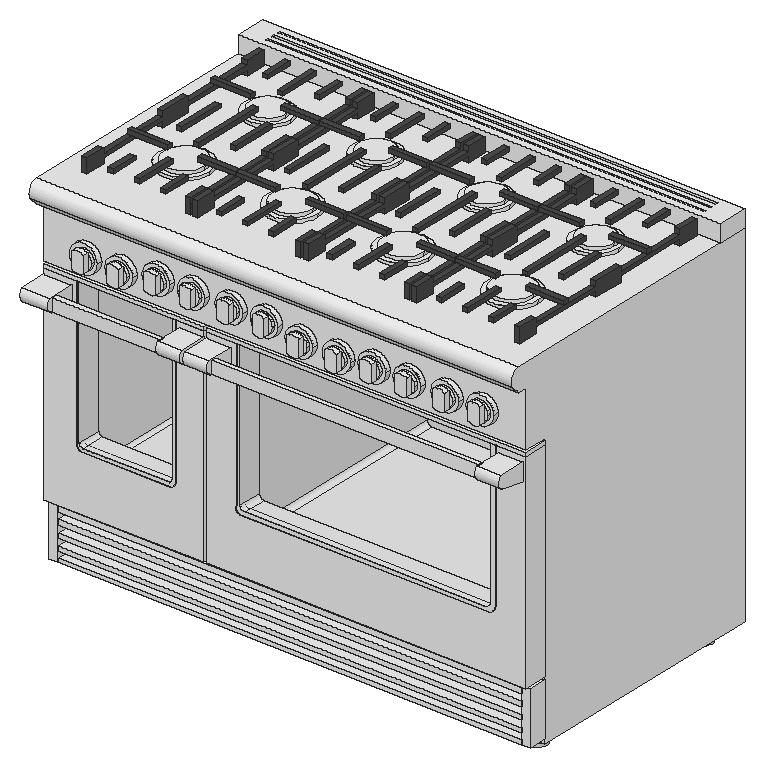
Revit family "DCS_SDA_Data_Sheet_RDV2-488_Range_ISSUE1 IMPERIAL", category Specialty Equipment, Revit 2015
Parameters
  URL = "www.yepsketch.com"
  Model = "DCS_SDA_Data_Sheet_RDV2-488_Range_ISSUE1"
  Manufacturer = "Fisher & Paykel"
  Description = "D20 20000"
  Author = "Yepsketch"
Reference planes (in)
  plane 1 "Center (Front/Back)": y = 0
  plane 2: z = 0
  plane 3 "Center (Left/Right)": x = 0
  plane 4: x = 47.875
  plane 5: y = 29.125
  plane 6: z = 35.75
  plane 7: z = 37.5
Forms (in)
  Extrusion 1, solid, material "ALUMINIUM"
    sketch origin (0, 0, 0) x (1, 0, 0) y (0, 1, 0)
      loop
        line (0, 29.125) -> (0, 1.98507) -> (47.875, 1.98507) -> (47.875, 29.125) -> (0, 29.125)
    from 0.73394 to 35.75
  Extrusion 2, solid, material "ALUMINIUM"
    sketch origin (0, 0, 0) x (1, 0, 0) y (0, 1, 0)
      loop
        line (0.05221, 29.125) -> (0.05221, 26.125) -> (47.875, 26.125) -> (47.875, 29.125) -> (0.05221, 29.125)
    from 35.75 to 37.5
  Extrusion 3, solid, material "BLACK"
    sketch origin (0, 0, 0) x (1, 0, 0) y (0, 1, 0)
      loop
        line (2.18737, 25.86083) -> (2.18737, 23.86083) -> (2.68737, 23.86083) -> (2.68737, 25.86083) -> (2.18737, 25.86083)
      loop
        line (2.18737, 16.42333) -> (2.18737, 13.42333) -> (2.68737, 13.42333) -> (2.68737, 16.42333) -> (2.18737, 16.42333)
      loop
        line (2.18737, 5.98583) -> (2.18737, 3.98583) -> (2.68737, 3.98583) -> (2.68737, 5.98583) -> (2.18737, 5.98583)
      loop
        line (12.43737, 25.86083) -> (12.43737, 23.86083) -> (12.93737, 23.86083) -> (12.93737, 25.86083) -> (12.43737, 25.86083)
      loop
        line (12.43737, 16.42333) -> (12.43737, 13.42333) -> (12.93737, 13.42333) -> (12.93737, 16.42333) -> (12.43737, 16.42333)
      loop
        line (12.43737, 5.98583) -> (12.43737, 3.98583) -> (12.93737, 3.98583) -> (12.93737, 5.98583) -> (12.43737, 5.98583)
      loop
        line (13.18737, 25.86083) -> (13.18737, 23.86083) -> (13.68737, 23.86083) -> (13.68737, 25.86083) -> (13.18737, 25.86083)
      loop
        line (13.18737, 16.42333) -> (13.18737, 13.42333) -> (13.68737, 13.42333) -> (13.68737, 16.42333) -> (13.18737, 16.42333)
      loop
        line (13.18737, 5.98583) -> (13.18737, 3.98583) -> (13.68737, 3.98583) -> (13.68737, 5.98583) -> (13.18737, 5.98583)
      loop
        line (23.43737, 25.86083) -> (23.43737, 23.86083) -> (23.93737, 23.86083) -> (23.93737, 25.86083) -> (23.43737, 25.86083)
      loop
        line (23.43737, 16.42333) -> (23.43737, 13.42333) -> (23.93737, 13.42333) -> (23.93737, 16.42333) -> (23.43737, 16.42333)
      loop
        line (23.43737, 5.98583) -> (23.43737, 3.98583) -> (23.93737, 3.98583) -> (23.93737, 5.98583) -> (23.43737, 5.98583)
      loop
        line (24.18737, 25.86083) -> (24.18737, 23.86083) -> (24.68737, 23.86083) -> (24.68737, 25.86083) -> (24.18737, 25.86083)
      loop
        line (24.18737, 16.42333) -> (24.18737, 13.42333) -> (24.68737, 13.42333) -> (24.68737, 16.42333) -> (24.18737, 16.42333)
      loop
        line (24.18737, 5.98583) -> (24.18737, 3.98583) -> (24.68737, 3.98583) -> (24.68737, 5.98583) -> (24.18737, 5.98583)
      loop
        line (34.18737, 25.86083) -> (34.18737, 23.86083) -> (34.68737, 23.86083) -> (34.68737, 25.86083) -> (34.18737, 25.86083)
      loop
        line (34.18737, 16.42333) -> (34.18737, 13.42333) -> (34.68737, 13.42333) -> (34.68737, 16.42333) -> (34.18737, 16.42333)
      loop
        line (34.18737, 5.98583) -> (34.18737, 3.98583) -> (34.68737, 3.98583) -> (34.68737, 5.98583) -> (34.18737, 5.98583)
      loop
        line (34.93737, 25.86083) -> (34.93737, 23.86083) -> (35.43737, 23.86083) -> (35.43737, 25.86083) -> (34.93737, 25.86083)
      loop
        line (34.93737, 16.42333) -> (34.93737, 13.42333) -> (35.43737, 13.42333) -> (35.43737, 16.42333) -> (34.93737, 16.42333)
      loop
        line (34.93737, 5.98583) -> (34.93737, 3.98583) -> (35.43737, 3.98583) -> (35.43737, 5.98583) -> (34.93737, 5.98583)
      loop
        line (45.18737, 25.86083) -> (45.18737, 23.86083) -> (45.68737, 23.86083) -> (45.68737, 25.86083) -> (45.18737, 25.86083)
      loop
        line (45.18737, 16.42333) -> (45.18737, 13.42333) -> (45.68737, 13.42333) -> (45.68737, 16.42333) -> (45.18737, 16.42333)
      loop
        line (45.18737, 5.98583) -> (45.18737, 3.98583) -> (45.68737, 3.98583) -> (45.68737, 5.98583) -> (45.18737, 5.98583)
    from 35.75 to 37.21889
  Extrusion 4, void
    sketch origin (0, 0, 0) x (0, 1, 0) y (0, 0, 1)
      loop
        line (1.98507, 27.93176) -> (1.98507, 0.73394) -> (4.3473, 0.73394) -> (4.3473, 27.93176) -> (1.98507, 27.93176)
    from 0 to 47.875
  Extrusion 5, solid, material "ALUMINIUM"
    sketch origin (0, 0, 0) x (0, 1, 0) y (0, 0, 1)
      loop
        line (1.98507, 35.75) -> (1.11007, 35.75)
        arc (1.11007, 35.75) -> (0.24041, 35.19597) -> (0.375, 34.17365) r 0.95956
        line (0.375, 34.17365) -> (1.08211, 33.46654) -> (1.98507, 33.46654) -> (1.98507, 35.75)
    from 0 to 47.875
  Revolve 6, solid
    sketch origin (1.5, 0, 0) x (0, 1, 0) y (0, 0, 1)
      loop
        line (5.33586, 0.73394) -> (5.33586, 0) -> (6.20694, 0) -> (6.20694, 0.32774) -> (5.6234, 0.32774) -> (5.6234, 0.73394) -> (5.33586, 0.73394)
      axis (5.33586, 0.73394) -> (5.33586, 0)
    angle from 0 to 360
  Revolve 7, solid
    sketch origin (1.5, 20.5, 0) x (0, 1, 0) y (0, 0, 1)
      loop
        line (5.33586, 0.73394) -> (5.33586, 0) -> (6.20694, 0) -> (6.20694, 0.32774) -> (5.6234, 0.32774) -> (5.6234, 0.73394) -> (5.33586, 0.73394)
      axis (5.33586, 0.73394) -> (5.33586, 0)
    angle from 0 to 360
  Revolve 8, solid
    sketch origin (46.375, 0, 0) x (0, 1, 0) y (0, 0, -1)
      loop
        line (5.33586, -0.73394) -> (5.6234, -0.73394) -> (5.6234, -0.32774) -> (6.20694, -0.32774) -> (6.20694, 0) -> (5.33586, 0) -> (5.33586, -0.73394)
      axis (5.33586, -0.73394) -> (5.33586, 0)
    angle from 0 to 360
  Revolve 9, solid
    sketch origin (46.375, 20.5, 0) x (0, 1, 0) y (0, 0, -1)
      loop
        line (5.33586, -0.73394) -> (5.6234, -0.73394) -> (5.6234, -0.32774) -> (6.20694, -0.32774) -> (6.20694, 0) -> (5.33586, 0) -> (5.33586, -0.73394)
      axis (5.33586, -0.73394) -> (5.33586, 0)
    angle from 0 to 360
  Extrusion 10, solid, material "ALUMINIUM"
    sketch origin (0, 0, 0) x (1, 0, 0) y (0, 0, 1)
      loop
        line (16.18343, 27.32365) -> (16.18343, 6.73316) -> (47.875, 6.73316) -> (47.875, 27.32365) -> (44.875, 27.32365) -> (44.875, 13.12408)
        arc (44.875, 13.12408) -> (44.61612, 12.49908) -> (43.99112, 12.2402) r 0.88388
        line (43.99112, 12.2402) -> (19.49112, 12.2402)
        arc (19.49112, 12.2402) -> (19.11612, 12.45671) -> (19.11612, 12.88972) r 0.43301
        line (19.11612, 12.88972) -> (19.11612, 27.32365) -> (16.18343, 27.32365)
    from -4.3473 to -1.98507
  Extrusion 11, solid, material "ALUMINIUM"
    sketch origin (0, 0, 0) x (1, 0, 0) y (0, 0, 1)
      loop
        arc (19.11612, 12.88972) -> (19.11612, 12.45671) -> (19.49112, 12.2402) r 0.43301
        line (19.49112, 12.2402) -> (43.99112, 12.2402)
        arc (43.99112, 12.2402) -> (44.61612, 12.49908) -> (44.875, 13.12408) r 0.88388
        line (44.875, 13.12408) -> (44.875, 27.32365) -> (44.375, 27.32365) -> (44.375, 13.12408)
        arc (44.375, 13.12408) -> (44.21967, 12.74908) -> (43.84467, 12.59375) r 0.53033
        line (43.84467, 12.59375) -> (19.91678, 12.59375)
        arc (19.91678, 12.59375) -> (19.59579, 12.72671) -> (19.46284, 13.04769) r 0.45394
        line (19.46284, 13.04769) -> (19.46284, 27.32365) -> (19.11612, 27.32365) -> (19.11612, 12.88972)
    from -4.3473 to -1.98507
  Extrusion 12, solid, material "ALUMINIUM"
    sketch origin (0, 0, 0) x (0, 1, 0) y (0, 0, 1)
      loop
        line (4.3473, 6.42499) -> (2.5973, 6.42499) -> (2.5973, 1.17499) -> (4.3473, 1.17499) -> (4.3473, 6.42499)
    from 0 to 0.875
  Extrusion 13, solid, material "ALUMINIUM"
    sketch origin (47.875, 0, 0) x (0, 1, 0) y (0, 0, -1)
      loop
        line (4.3473, -6.42499) -> (4.3473, -1.17499) -> (2.5973, -1.17499) -> (2.5973, -6.42499) -> (4.3473, -6.42499)
    from 0 to 0.875
  Extrusion 14, solid, material "ALUMINIUM"
    sketch origin (0, 0, 0) x (1, 0, 0) y (0, 0, 1)
      loop
        line (0.875, 6.16495) -> (0.875, 5.6588) -> (47, 5.6588) -> (47, 6.16495) -> (0.875, 6.16495)
      loop
        line (47, 5.06554) -> (0.875, 5.06554) -> (0.875, 4.48043) -> (47, 4.48043) -> (47, 5.06554)
      loop
        line (0.875, 3.79999) -> (0.875, 3.3274) -> (47, 3.3274) -> (47, 3.79999) -> (0.875, 3.79999)
      loop
        line (47, 2.67357) -> (0.875, 2.67357) -> (0.875, 2.16429) -> (47, 2.16429) -> (47, 2.67357)
      loop
        line (0.875, 1.57103) -> (0.875, 1.17499) -> (47, 1.17499) -> (47, 1.57103) -> (0.875, 1.57103)
    from -4.3473 to -2.5973
  Extrusion 15, void
    sketch origin (0, 0, 0) x (1, 0, 0) y (0, 0, 1)
      loop
        line (47, 27.37408) -> (16.96626, 27.37408) -> (16.96626, 8.22852)
        arc (16.96626, 8.22852) -> (17.09921, 7.90754) -> (17.42019, 7.77459) r 0.45394
        line (17.42019, 7.77459) -> (46.46967, 7.77459)
        arc (46.46967, 7.77459) -> (46.84467, 7.92992) -> (47, 8.30492) r 0.53033
        line (47, 8.30492) -> (47, 27.37408)
    from -28.29276 to -1.98507
  Extrusion 16, solid, material "ALUMINIUM"
    sketch origin (0, 0, 0) x (1, 0, 0) y (0, 0, 1)
      loop
        line (15.87872, 6.72274) -> (15.87872, 27.32365) -> (13.06066, 27.32365) -> (13.06066, 12.82365)
        arc (13.06066, 12.82365) -> (12.90533, 12.44865) -> (12.53033, 12.29332) r 0.53033
        line (12.53033, 12.29332) -> (3.78033, 12.29332)
        arc (3.78033, 12.29332) -> (3.40533, 12.44865) -> (3.25, 12.82365) r 0.53033
        line (3.25, 12.82365) -> (3.25, 27.32365) -> (0, 27.32365) -> (0, 6.72274) -> (15.87872, 6.72274)
    from -4.3473 to -1.98507
  Extrusion 17, solid, material "ALUMINIUM"
    sketch origin (0, 0, 0) x (1, 0, 0) y (0, 0, 1)
      loop
        line (3.25, 27.32365) -> (3.25, 12.82365)
        arc (3.25, 12.82365) -> (3.40533, 12.44865) -> (3.78033, 12.29332) r 0.53033
        line (3.78033, 12.29332) -> (12.53033, 12.29332)
        arc (12.53033, 12.29332) -> (12.90533, 12.44865) -> (13.06066, 12.82365) r 0.53033
        line (13.06066, 12.82365) -> (13.06066, 27.3228) -> (12.77003, 27.3228) -> (12.77003, 13.029)
        arc (12.77003, 13.029) -> (12.64804, 12.73451) -> (12.35355, 12.61253) r 0.41647
        line (12.35355, 12.61253) -> (3.85355, 12.61253)
        arc (3.85355, 12.61253) -> (3.60355, 12.71608) -> (3.5, 12.96608) r 0.35355
        line (3.5, 12.96608) -> (3.5, 27.32365) -> (3.25, 27.32365)
    from -4.3473 to -1.98507
  Extrusion 18, void
    sketch origin (0, 0, 0) x (1, 0, 0) y (0, 0, 1)
      loop
        arc (0.56066, 7.64687) -> (0.66421, 7.39687) -> (0.91421, 7.29332) r 0.35355
        line (0.91421, 7.29332) -> (14.89419, 7.29332)
        arc (14.89419, 7.29332) -> (15.18868, 7.4153) -> (15.31066, 7.70979) r 0.41647
        line (15.31066, 7.70979) -> (15.31066, 27.32365) -> (0.56066, 27.32365) -> (0.56066, 7.64687)
    from -28.29276 to -4.3473
  Extrusion 19, solid, material "Glass"
    sketch origin (0, 0, 0) x (1, 0, 0) y (0, 0, 1)
      loop
        line (12.77003, 27.32365) -> (3.5, 27.32365) -> (3.5, 12.96608)
        arc (3.5, 12.96608) -> (3.60355, 12.71608) -> (3.85355, 12.61253) r 0.35355
        line (3.85355, 12.61253) -> (12.35355, 12.61253)
        arc (12.35355, 12.61253) -> (12.64804, 12.73451) -> (12.77003, 13.029) r 0.41647
        line (12.77003, 13.029) -> (12.77003, 27.32365)
    from -2.5973 to -1.98507
  Extrusion 20, solid, material "ALUMINIUM"
    sketch origin (0, 0, 0) x (0, 1, 0) y (0, 0, 1)
      loop
        line (1.98507, 26.75776) -> (-0.77258, 26.75776)
        arc (-0.77258, 26.75776) -> (-0.99603, 26.02631) -> (-0.51493, 25.43176) r 0.815
        line (-0.51493, 25.43176) -> (1.98507, 25.0358) -> (1.98507, 26.75776)
    from 0 to 2.75
  Extrusion 21, solid, material "ALUMINIUM"
    sketch origin (0, 0, 0.1875) x (1, 0, 0) y (0, 0, 1)
      loop
        line (2.75, 26.57026) -> (2.75, 25.32026) -> (13.5, 25.32026) -> (13.5, 26.57026) -> (2.75, 26.57026)
    from 0.02795 to 0.5
  Extrusion 22, solid, material "ALUMINIUM"
    sketch origin (16.25, 0, 0) x (0, 1, 0) y (0, 0, -1)
      loop
        line (1.98507, -26.75776) -> (1.98507, -25.0358) -> (-0.51493, -25.43176)
        arc (-0.51493, -25.43176) -> (-0.99603, -26.02631) -> (-0.77258, -26.75776) r 0.815
        line (-0.77258, -26.75776) -> (1.98507, -26.75776)
    from 0.37128 to 2.75
  Extrusion 23, solid, material "Glass"
    sketch origin (0, 0, 0) x (1, 0, 0) y (0, 0, 1)
      loop
        line (44.375, 27.32365) -> (19.46284, 27.32365) -> (19.46284, 13.04769)
        arc (19.46284, 13.04769) -> (19.59579, 12.72671) -> (19.91678, 12.59375) r 0.45394
        line (19.91678, 12.59375) -> (43.84467, 12.59375)
        arc (43.84467, 12.59375) -> (44.21967, 12.74908) -> (44.375, 13.12408) r 0.53033
        line (44.375, 13.12408) -> (44.375, 27.32365)
    from -2.5973 to -1.98507
  Extrusion 24, solid, material "ALUMINIUM"
    sketch origin (0, 0, 0) x (1, 0, 0) y (0, 0, 1)
      loop
        line (0, 27.68463) -> (0, 27.32365) -> (15.87872, 27.32365) -> (15.87872, 27.68463) -> (0, 27.68463)
    from -4.3473 to -1.98507
  Extrusion 25, solid, material "ALUMINIUM"
    sketch origin (16.18343, 0, 0) x (1, 0, 0) y (0, 0, 1)
      loop
        line (0, 27.68463) -> (0, 27.32365) -> (31.69157, 27.32365) -> (31.69157, 27.68463) -> (0, 27.68463)
    from -4.3473 to -1.98507
  Extrusion 26, solid, material "ALUMINIUM"
    sketch origin (18.93343, 0, 0) x (0, 1, 0) y (0, 0, -1)
      loop
        line (1.98507, -26.75776) -> (1.98507, -25.0358) -> (-0.51493, -25.43176)
        arc (-0.51493, -25.43176) -> (-0.99603, -26.02631) -> (-0.77258, -26.75776) r 0.815
        line (-0.77258, -26.75776) -> (1.98507, -26.75776)
    from 0.37128 to 2.75
  Extrusion 27, solid, material "ALUMINIUM"
    sketch origin (47.93343, 0, 0) x (0, 1, 0) y (0, 0, -1)
      loop
        line (1.98507, -26.75776) -> (1.98507, -25.0358) -> (-0.51493, -25.43176)
        arc (-0.51493, -25.43176) -> (-0.99603, -26.02631) -> (-0.77258, -26.75776) r 0.815
        line (-0.77258, -26.75776) -> (1.98507, -26.75776)
    from 0.37128 to 2.75
  Extrusion 28, solid, material "ALUMINIUM"
    sketch origin (15.81214, 0, 0.1875) x (1, 0, 0) y (0, 0, 1)
      loop
        line (2.75, 26.57026) -> (2.75, 25.32026) -> (29.37128, 25.32026) -> (29.37128, 26.57026) -> (2.75, 26.57026)
    from 0.02795 to 0.5
  Extrusion 29, solid, material "BLACK"
    sketch origin (0, 0, 0.10938) x (1, 0, 0) y (0, 1, 0)
      loop
        line (7.39686, 25.86083) -> (7.39686, 21.74715) -> (7.89686, 21.74715) -> (7.89686, 25.86083) -> (7.39686, 25.86083)
      loop
        line (9.95936, 25.86083) -> (9.95936, 23.125) -> (10.45936, 23.125) -> (10.45936, 25.86083) -> (9.95936, 25.86083)
      loop
        line (4.77301, 25.86083) -> (4.77301, 23.125) -> (5.32988, 23.125) -> (5.32988, 25.86083) -> (4.77301, 25.86083)
      loop
        line (2.20854, 20.42708) -> (2.20854, 19.92708) -> (6.20854, 19.92708) -> (6.20854, 20.42708) -> (2.20854, 20.42708)
      loop
        line (9.17726, 20.42708) -> (9.17726, 19.92708) -> (12.94801, 19.92708) -> (12.94801, 20.42708) -> (9.17726, 20.42708)
      loop
        line (4.7979, 17.24764) -> (4.7979, 12.49764) -> (5.2979, 12.49764) -> (5.2979, 17.24764) -> (4.7979, 17.24764)
      loop
        line (7.40529, 18.62513) -> (7.40529, 11.37513) -> (7.90529, 11.37513) -> (7.90529, 18.62513) -> (7.40529, 18.62513)
      loop
        line (9.94893, 17.24764) -> (9.94893, 12.74764) -> (10.44893, 12.74764) -> (10.44893, 17.24764) -> (9.94893, 17.24764)
      loop
        line (2.20854, 9.5682) -> (6.20854, 9.5682) -> (6.20854, 10.0682) -> (2.20854, 10.0682) -> (2.20854, 9.5682)
      loop
        line (9.17726, 9.5682) -> (12.94801, 9.5682) -> (12.94801, 10.0682) -> (9.17726, 10.0682) -> (9.17726, 9.5682)
      loop
        line (7.39686, 3.98583) -> (7.89686, 3.98583) -> (7.89686, 8.09951) -> (7.39686, 8.09951) -> (7.39686, 3.98583)
      loop
        line (9.95936, 3.98583) -> (10.45936, 3.98583) -> (10.45936, 6.72166) -> (9.95936, 6.72166) -> (9.95936, 3.98583)
      loop
        line (4.77301, 3.98583) -> (5.32988, 3.98583) -> (5.32988, 6.72166) -> (4.77301, 6.72166) -> (4.77301, 3.98583)
    from 36.59006 to 37
  Extrusion 30, solid, material "BLACK"
    sketch origin (0, 0, 0) x (1, 0, 0) y (0, 0, 1)
      loop
        line (2.68737, 36.69944) -> (2.18737, 36.69944) -> (2.18737, 36.32955) -> (2.68737, 36.32955) -> (2.68737, 36.69944)
      loop
        line (12.94801, 36.69944) -> (12.44801, 36.69944) -> (12.44801, 36.32955) -> (12.94801, 36.32955) -> (12.94801, 36.69944)
      loop
        line (13.68737, 36.69944) -> (13.18737, 36.69944) -> (13.18737, 36.32955) -> (13.68737, 36.32955) -> (13.68737, 36.69944)
      loop
        line (23.93737, 36.69944) -> (23.43737, 36.69944) -> (23.43737, 36.32955) -> (23.93737, 36.32955) -> (23.93737, 36.69944)
      loop
        line (24.68737, 36.69944) -> (24.18737, 36.69944) -> (24.18737, 36.32955) -> (24.68737, 36.32955) -> (24.68737, 36.69944)
      loop
        line (34.68737, 36.69944) -> (34.18737, 36.69944) -> (34.18737, 36.32955) -> (34.68737, 36.32955) -> (34.68737, 36.69944)
      loop
        line (35.43737, 36.69944) -> (34.93737, 36.69944) -> (34.93737, 36.32955) -> (35.43737, 36.32955) -> (35.43737, 36.69944)
      loop
        line (45.68737, 36.69944) -> (45.18737, 36.69944) -> (45.18737, 36.32955) -> (45.68737, 36.32955) -> (45.68737, 36.69944)
    from -25.86083 to -3.98583
  Extrusion 31, solid, material "BLACK"
    sketch origin (10.75, 0, 0.10938) x (1, 0, 0) y (0, 1, 0)
      loop
        line (7.39686, 25.86083) -> (7.39686, 21.74715) -> (7.89686, 21.74715) -> (7.89686, 25.86083) -> (7.39686, 25.86083)
      loop
        line (9.95936, 25.86083) -> (9.95936, 23.125) -> (10.45936, 23.125) -> (10.45936, 25.86083) -> (9.95936, 25.86083)
      loop
        line (4.77301, 25.86083) -> (4.77301, 23.125) -> (5.32988, 23.125) -> (5.32988, 25.86083) -> (4.77301, 25.86083)
      loop
        line (2.20854, 20.42708) -> (2.20854, 19.92708) -> (6.20854, 19.92708) -> (6.20854, 20.42708) -> (2.20854, 20.42708)
      loop
        line (9.17726, 20.42708) -> (9.17726, 19.92708) -> (12.94801, 19.92708) -> (12.94801, 20.42708) -> (9.17726, 20.42708)
      loop
        line (4.7979, 17.24764) -> (4.7979, 12.49764) -> (5.2979, 12.49764) -> (5.2979, 17.24764) -> (4.7979, 17.24764)
      loop
        line (7.40529, 18.62513) -> (7.40529, 11.37513) -> (7.90529, 11.37513) -> (7.90529, 18.62513) -> (7.40529, 18.62513)
      loop
        line (9.94893, 17.24764) -> (9.94893, 12.74764) -> (10.44893, 12.74764) -> (10.44893, 17.24764) -> (9.94893, 17.24764)
      loop
        line (2.20854, 9.5682) -> (6.20854, 9.5682) -> (6.20854, 10.0682) -> (2.20854, 10.0682) -> (2.20854, 9.5682)
      loop
        line (9.17726, 9.5682) -> (12.94801, 9.5682) -> (12.94801, 10.0682) -> (9.17726, 10.0682) -> (9.17726, 9.5682)
      loop
        line (7.39686, 3.98583) -> (7.89686, 3.98583) -> (7.89686, 8.09951) -> (7.39686, 8.09951) -> (7.39686, 3.98583)
      loop
        line (9.95936, 3.98583) -> (10.45936, 3.98583) -> (10.45936, 6.72166) -> (9.95936, 6.72166) -> (9.95936, 3.98583)
      loop
        line (4.77301, 3.98583) -> (5.32988, 3.98583) -> (5.32988, 6.72166) -> (4.77301, 6.72166) -> (4.77301, 3.98583)
    from 36.59006 to 37
  Extrusion 32, solid, material "BLACK"
    sketch origin (21.75, 0, 0.10938) x (1, 0, 0) y (0, 1, 0)
      loop
        line (7.39686, 25.86083) -> (7.39686, 21.74715) -> (7.89686, 21.74715) -> (7.89686, 25.86083) -> (7.39686, 25.86083)
      loop
        line (9.95936, 25.86083) -> (9.95936, 23.125) -> (10.45936, 23.125) -> (10.45936, 25.86083) -> (9.95936, 25.86083)
      loop
        line (4.77301, 25.86083) -> (4.77301, 23.125) -> (5.32988, 23.125) -> (5.32988, 25.86083) -> (4.77301, 25.86083)
      loop
        line (2.20854, 20.42708) -> (2.20854, 19.92708) -> (6.20854, 19.92708) -> (6.20854, 20.42708) -> (2.20854, 20.42708)
      loop
        line (9.17726, 20.42708) -> (9.17726, 19.92708) -> (12.94801, 19.92708) -> (12.94801, 20.42708) -> (9.17726, 20.42708)
      loop
        line (4.7979, 17.24764) -> (4.7979, 12.49764) -> (5.2979, 12.49764) -> (5.2979, 17.24764) -> (4.7979, 17.24764)
      loop
        line (7.40529, 18.62513) -> (7.40529, 11.37513) -> (7.90529, 11.37513) -> (7.90529, 18.62513) -> (7.40529, 18.62513)
      loop
        line (9.94893, 17.24764) -> (9.94893, 12.74764) -> (10.44893, 12.74764) -> (10.44893, 17.24764) -> (9.94893, 17.24764)
      loop
        line (2.20854, 9.5682) -> (6.20854, 9.5682) -> (6.20854, 10.0682) -> (2.20854, 10.0682) -> (2.20854, 9.5682)
      loop
        line (9.17726, 9.5682) -> (12.94801, 9.5682) -> (12.94801, 10.0682) -> (9.17726, 10.0682) -> (9.17726, 9.5682)
      loop
        line (7.39686, 3.98583) -> (7.89686, 3.98583) -> (7.89686, 8.09951) -> (7.39686, 8.09951) -> (7.39686, 3.98583)
      loop
        line (9.95936, 3.98583) -> (10.45936, 3.98583) -> (10.45936, 6.72166) -> (9.95936, 6.72166) -> (9.95936, 3.98583)
      loop
        line (4.77301, 3.98583) -> (5.32988, 3.98583) -> (5.32988, 6.72166) -> (4.77301, 6.72166) -> (4.77301, 3.98583)
    from 36.59006 to 37
  Extrusion 33, solid, material "BLACK"
    sketch origin (32.60043, 0, 0.10938) x (1, 0, 0) y (0, 1, 0)
      loop
        line (7.39686, 25.86083) -> (7.39686, 21.74715) -> (7.89686, 21.74715) -> (7.89686, 25.86083) -> (7.39686, 25.86083)
      loop
        line (9.95936, 25.86083) -> (9.95936, 23.125) -> (10.45936, 23.125) -> (10.45936, 25.86083) -> (9.95936, 25.86083)
      loop
        line (4.77301, 25.86083) -> (4.77301, 23.125) -> (5.32988, 23.125) -> (5.32988, 25.86083) -> (4.77301, 25.86083)
      loop
        line (2.20854, 20.42708) -> (2.20854, 19.92708) -> (6.20854, 19.92708) -> (6.20854, 20.42708) -> (2.20854, 20.42708)
      loop
        line (9.17726, 20.42708) -> (9.17726, 19.92708) -> (12.94801, 19.92708) -> (12.94801, 20.42708) -> (9.17726, 20.42708)
      loop
        line (4.7979, 17.24764) -> (4.7979, 12.49764) -> (5.2979, 12.49764) -> (5.2979, 17.24764) -> (4.7979, 17.24764)
      loop
        line (7.40529, 18.62513) -> (7.40529, 11.37513) -> (7.90529, 11.37513) -> (7.90529, 18.62513) -> (7.40529, 18.62513)
      loop
        line (9.94893, 17.24764) -> (9.94893, 12.74764) -> (10.44893, 12.74764) -> (10.44893, 17.24764) -> (9.94893, 17.24764)
      loop
        line (2.20854, 9.5682) -> (6.20854, 9.5682) -> (6.20854, 10.0682) -> (2.20854, 10.0682) -> (2.20854, 9.5682)
      loop
        line (9.17726, 9.5682) -> (12.94801, 9.5682) -> (12.94801, 10.0682) -> (9.17726, 10.0682) -> (9.17726, 9.5682)
      loop
        line (7.39686, 3.98583) -> (7.89686, 3.98583) -> (7.89686, 8.09951) -> (7.39686, 8.09951) -> (7.39686, 3.98583)
      loop
        line (9.95936, 3.98583) -> (10.45936, 3.98583) -> (10.45936, 6.72166) -> (9.95936, 6.72166) -> (9.95936, 3.98583)
      loop
        line (4.77301, 3.98583) -> (5.32988, 3.98583) -> (5.32988, 6.72166) -> (4.77301, 6.72166) -> (4.77301, 3.98583)
    from 36.59006 to 37
  Extrusion 34, solid, material "ALUMINIUM"
    sketch origin (0, 0, 0) x (1, 0, 0) y (0, 1, 0)
      loop
        circle (7.67726, 9.8182) r 2.5
    from 35.75 to 36.03608
  Extrusion 35, solid, material "ALUMINIUM"
    sketch origin (0, 0, 0) x (1, 0, 0) y (0, 1, 0)
      loop
        circle (7.6929, 9.8182) r 2
    from 36.03608 to 36.32955
  Extrusion 36, solid, material "ALUMINIUM"
    sketch origin (0, 10.35888, 0) x (1, 0, 0) y (0, 1, 0)
      loop
        circle (7.67726, 9.8182) r 2.25
    from 35.75 to 36.03608
  Extrusion 37, solid, material "ALUMINIUM"
    sketch origin (0, 10.35888, 0) x (1, 0, 0) y (0, 1, 0)
      loop
        circle (7.6929, 9.8182) r 1.75
    from 36.03608 to 36.32955
  Extrusion 38, solid, material "ALUMINIUM"
    sketch origin (10.75, 0, 0) x (1, 0, 0) y (0, 1, 0)
      loop
        circle (7.67726, 9.8182) r 2.5
    from 35.75 to 36.03608
  Extrusion 39, solid, material "ALUMINIUM"
    sketch origin (10.75, 0, 0) x (1, 0, 0) y (0, 1, 0)
      loop
        circle (7.6929, 9.8182) r 2
    from 36.03608 to 36.32955
  Extrusion 40, solid, material "ALUMINIUM"
    sketch origin (10.75, 10.35888, 0) x (1, 0, 0) y (0, 1, 0)
      loop
        circle (7.67726, 9.8182) r 2.25
    from 35.75 to 36.03608
  Extrusion 41, solid, material "ALUMINIUM"
    sketch origin (10.75, 10.35888, 0) x (1, 0, 0) y (0, 1, 0)
      loop
        circle (7.6929, 9.8182) r 1.75
    from 36.03608 to 36.32955
  Extrusion 42, solid, material "ALUMINIUM"
    sketch origin (21.75, 0, 0) x (1, 0, 0) y (0, 1, 0)
      loop
        circle (7.67726, 9.8182) r 2.5
    from 35.75 to 36.03608
  Extrusion 43, solid, material "ALUMINIUM"
    sketch origin (21.75, 0, 0) x (1, 0, 0) y (0, 1, 0)
      loop
        circle (7.6929, 9.8182) r 2
    from 36.03608 to 36.32955
  Extrusion 44, solid, material "ALUMINIUM"
    sketch origin (21.75, 10.35888, 0) x (1, 0, 0) y (0, 1, 0)
      loop
        circle (7.67726, 9.8182) r 2.25
    from 35.75 to 36.03608
  Extrusion 45, solid, material "ALUMINIUM"
    sketch origin (21.75, 10.35888, 0) x (1, 0, 0) y (0, 1, 0)
      loop
        circle (7.6929, 9.8182) r 1.75
    from 36.03608 to 36.32955
  Extrusion 46, solid, material "ALUMINIUM"
    sketch origin (32.60043, 0, 0) x (1, 0, 0) y (0, 1, 0)
      loop
        circle (7.67726, 9.8182) r 2.5
    from 35.75 to 36.03608
  Extrusion 47, solid, material "ALUMINIUM"
    sketch origin (32.60043, 0, 0) x (1, 0, 0) y (0, 1, 0)
      loop
        circle (7.6929, 9.8182) r 2
    from 36.03608 to 36.32955
  Extrusion 48, solid, material "ALUMINIUM"
    sketch origin (32.60043, 10.35888, 0) x (1, 0, 0) y (0, 1, 0)
      loop
        circle (7.67726, 9.8182) r 2.25
    from 35.75 to 36.03608
  Extrusion 49, solid, material "ALUMINIUM"
    sketch origin (32.60043, 10.35888, 0) x (1, 0, 0) y (0, 1, 0)
      loop
        circle (7.6929, 9.8182) r 1.75
    from 36.03608 to 36.32955
  Extrusion 50, void
    sketch origin (0, 0.5, 0) x (1, 0, 0) y (0, 1, 0)
      loop
        line (2.20891, 27.97448) -> (2.20891, 27.72448) -> (45.70891, 27.72448) -> (45.70891, 27.97448) -> (2.20891, 27.97448)
      loop
        line (2.20891, 27.22448) -> (2.20891, 26.97448) -> (45.70891, 26.97448) -> (45.70891, 27.22448) -> (2.20891, 27.22448)
      loop
        line (2.20891, 26.47448) -> (2.20891, 26.22448) -> (45.70891, 26.22448) -> (45.70891, 26.47448) -> (2.20891, 26.47448)
    from 35.75 to 41.37517
  Extrusion 51, solid, material "ALUMINIUM"
    sketch origin (0, 0, 0) x (1, 0, 0) y (0, 0, 1)
      loop
        circle (4.32255, 29.87924) r 1.375
    from -1.98507 to -1.5
  Extrusion 52, solid, material "ALUMINIUM"
    sketch origin (0, 0, 0) x (1, 0, 0) y (0, 0, 1)
      loop
        circle (4.32255, 29.87924) r 1
    from -1.5 to -1.25
  Extrusion 53, solid, material "ALUMINIUM"
    sketch origin (0, 0, 0) x (1, 0, 0) y (0, 0, 1)
      loop
        line (3.72996, 30.68475) -> (3.72996, 29.07373)
        arc (3.72996, 29.07373) -> (4.32255, 28.87924) -> (4.91513, 29.07373) r 1
        line (4.91513, 29.07373) -> (4.91513, 30.68475)
        arc (4.91513, 30.68475) -> (4.32255, 30.87924) -> (3.72996, 30.68475) r 1
    from -1.25 to -0.75
  Extrusion 54, solid, material "ALUMINIUM"
    sketch origin (3.5, 0, 0) x (1, 0, 0) y (0, 0, 1)
      loop
        circle (4.32255, 29.87924) r 1.375
    from -1.98507 to -1.5
  Extrusion 55, solid, material "ALUMINIUM"
    sketch origin (3.5, 0, 0) x (1, 0, 0) y (0, 0, 1)
      loop
        circle (4.32255, 29.87924) r 1
    from -1.5 to -1.25
  Extrusion 56, solid, material "ALUMINIUM"
    sketch origin (3.5, 0, 0) x (1, 0, 0) y (0, 0, 1)
      loop
        line (3.72996, 30.68475) -> (3.72996, 29.07373)
        arc (3.72996, 29.07373) -> (4.32255, 28.87924) -> (4.91513, 29.07373) r 1
        line (4.91513, 29.07373) -> (4.91513, 30.68475)
        arc (4.91513, 30.68475) -> (4.32255, 30.87924) -> (3.72996, 30.68475) r 1
    from -1.25 to -0.75
  Extrusion 57, solid, material "ALUMINIUM"
    sketch origin (7.19303, 0, 0.65118) x (1, 0, 0) y (0, 0, 1)
      loop
        circle (4.32255, 29.87924) r 1.375
    from -1.98507 to -1.5
  Extrusion 58, solid, material "ALUMINIUM"
    sketch origin (7.19303, 0, 0.65118) x (1, 0, 0) y (0, 0, 1)
      loop
        circle (4.32255, 29.87924) r 1
    from -1.5 to -1.25
  Extrusion 59, solid, material "ALUMINIUM"
    sketch origin (7.19303, 0, 0.65118) x (1, 0, 0) y (0, 0, 1)
      loop
        line (3.72996, 30.68475) -> (3.72996, 29.07373)
        arc (3.72996, 29.07373) -> (4.32255, 28.87924) -> (4.91513, 29.07373) r 1
        line (4.91513, 29.07373) -> (4.91513, 30.68475)
        arc (4.91513, 30.68475) -> (4.32255, 30.87924) -> (3.72996, 30.68475) r 1
    from -1.25 to -0.75
  Extrusion 60, solid, material "ALUMINIUM"
    sketch origin (10.69303, 0, 0.65118) x (1, 0, 0) y (0, 0, 1)
      loop
        circle (4.32255, 29.87924) r 1.375
    from -1.98507 to -1.5
  Extrusion 61, solid, material "ALUMINIUM"
    sketch origin (10.69303, 0, 0.65118) x (1, 0, 0) y (0, 0, 1)
      loop
        circle (4.32255, 29.87924) r 1
    from -1.5 to -1.25
  Extrusion 62, solid, material "ALUMINIUM"
    sketch origin (10.69303, 0, 0.65118) x (1, 0, 0) y (0, 0, 1)
      loop
        line (3.72996, 30.68475) -> (3.72996, 29.07373)
        arc (3.72996, 29.07373) -> (4.32255, 28.87924) -> (4.91513, 29.07373) r 1
        line (4.91513, 29.07373) -> (4.91513, 30.68475)
        arc (4.91513, 30.68475) -> (4.32255, 30.87924) -> (3.72996, 30.68475) r 1
    from -1.25 to -0.75
  Extrusion 63, solid, material "ALUMINIUM"
    sketch origin (14.44303, 0, 0.65118) x (1, 0, 0) y (0, 0, 1)
      loop
        circle (4.32255, 29.87924) r 1.375
    from -1.98507 to -1.5
  Extrusion 64, solid, material "ALUMINIUM"
    sketch origin (14.44303, 0, 0.65118) x (1, 0, 0) y (0, 0, 1)
      loop
        circle (4.32255, 29.87924) r 1
    from -1.5 to -1.25
  Extrusion 65, solid, material "ALUMINIUM"
    sketch origin (14.44303, 0, 0.65118) x (1, 0, 0) y (0, 0, 1)
      loop
        line (3.72996, 30.68475) -> (3.72996, 29.07373)
        arc (3.72996, 29.07373) -> (4.32255, 28.87924) -> (4.91513, 29.07373) r 1
        line (4.91513, 29.07373) -> (4.91513, 30.68475)
        arc (4.91513, 30.68475) -> (4.32255, 30.87924) -> (3.72996, 30.68475) r 1
    from -1.25 to -0.75
  Extrusion 66, solid, material "ALUMINIUM"
    sketch origin (17.94303, 0, 0.65118) x (1, 0, 0) y (0, 0, 1)
      loop
        circle (4.32255, 29.87924) r 1.375
    from -1.98507 to -1.5
  Extrusion 67, solid, material "ALUMINIUM"
    sketch origin (17.94303, 0, 0.65118) x (1, 0, 0) y (0, 0, 1)
      loop
        circle (4.32255, 29.87924) r 1
    from -1.5 to -1.25
  Extrusion 68, solid, material "ALUMINIUM"
    sketch origin (17.94303, 0, 0.65118) x (1, 0, 0) y (0, 0, 1)
      loop
        line (3.72996, 30.68475) -> (3.72996, 29.07373)
        arc (3.72996, 29.07373) -> (4.32255, 28.87924) -> (4.91513, 29.07373) r 1
        line (4.91513, 29.07373) -> (4.91513, 30.68475)
        arc (4.91513, 30.68475) -> (4.32255, 30.87924) -> (3.72996, 30.68475) r 1
    from -1.25 to -0.75
  Extrusion 69, solid, material "ALUMINIUM"
    sketch origin (21.38986, 0, 0.04341) x (1, 0, 0) y (0, 0, 1)
      loop
        circle (4.32255, 29.87924) r 1.375
    from -1.98507 to -1.5
  Extrusion 70, solid, material "ALUMINIUM"
    sketch origin (21.38986, 0, 0.04341) x (1, 0, 0) y (0, 0, 1)
      loop
        circle (4.32255, 29.87924) r 1
    from -1.5 to -1.25
  Extrusion 71, solid, material "ALUMINIUM"
    sketch origin (21.38986, 0, 0.04341) x (1, 0, 0) y (0, 0, 1)
      loop
        line (3.72996, 30.68475) -> (3.72996, 29.07373)
        arc (3.72996, 29.07373) -> (4.32255, 28.87924) -> (4.91513, 29.07373) r 1
        line (4.91513, 29.07373) -> (4.91513, 30.68475)
        arc (4.91513, 30.68475) -> (4.32255, 30.87924) -> (3.72996, 30.68475) r 1
    from -1.25 to -0.75
  Extrusion 72, solid, material "ALUMINIUM"
    sketch origin (25.13986, 0, 0.04341) x (1, 0, 0) y (0, 0, 1)
      loop
        circle (4.32255, 29.87924) r 1.375
    from -1.98507 to -1.5
  Extrusion 73, solid, material "ALUMINIUM"
    sketch origin (25.13986, 0, 0.04341) x (1, 0, 0) y (0, 0, 1)
      loop
        circle (4.32255, 29.87924) r 1
    from -1.5 to -1.25
  Extrusion 74, solid, material "ALUMINIUM"
    sketch origin (25.13986, 0, 0.04341) x (1, 0, 0) y (0, 0, 1)
      loop
        line (3.72996, 30.68475) -> (3.72996, 29.07373)
        arc (3.72996, 29.07373) -> (4.32255, 28.87924) -> (4.91513, 29.07373) r 1
        line (4.91513, 29.07373) -> (4.91513, 30.68475)
        arc (4.91513, 30.68475) -> (4.32255, 30.87924) -> (3.72996, 30.68475) r 1
    from -1.25 to -0.75
  Extrusion 75, solid, material "ALUMINIUM"
    sketch origin (28.62654, 0, 0.34846) x (1, 0, 0) y (0, 0, 1)
      loop
        circle (4.32255, 29.87924) r 1.375
    from -1.98507 to -1.5
  Extrusion 76, solid, material "ALUMINIUM"
    sketch origin (28.62654, 0, 0.34846) x (1, 0, 0) y (0, 0, 1)
      loop
        circle (4.32255, 29.87924) r 1
    from -1.5 to -1.25
  Extrusion 77, solid, material "ALUMINIUM"
    sketch origin (28.62654, 0, 0.34846) x (1, 0, 0) y (0, 0, 1)
      loop
        line (3.72996, 30.68475) -> (3.72996, 29.07373)
        arc (3.72996, 29.07373) -> (4.32255, 28.87924) -> (4.91513, 29.07373) r 1
        line (4.91513, 29.07373) -> (4.91513, 30.68475)
        arc (4.91513, 30.68475) -> (4.32255, 30.87924) -> (3.72996, 30.68475) r 1
    from -1.25 to -0.75
  Extrusion 78, solid, material "ALUMINIUM"
    sketch origin (32.12654, 0, 0.34846) x (1, 0, 0) y (0, 0, 1)
      loop
        circle (4.32255, 29.87924) r 1.375
    from -1.98507 to -1.5
  Extrusion 79, solid, material "ALUMINIUM"
    sketch origin (32.12654, 0, 0.34846) x (1, 0, 0) y (0, 0, 1)
      loop
        circle (4.32255, 29.87924) r 1
    from -1.5 to -1.25
  Extrusion 80, solid, material "ALUMINIUM"
    sketch origin (32.12654, 0, 0.34846) x (1, 0, 0) y (0, 0, 1)
      loop
        line (3.72996, 30.68475) -> (3.72996, 29.07373)
        arc (3.72996, 29.07373) -> (4.32255, 28.87924) -> (4.91513, 29.07373) r 1
        line (4.91513, 29.07373) -> (4.91513, 30.68475)
        arc (4.91513, 30.68475) -> (4.32255, 30.87924) -> (3.72996, 30.68475) r 1
    from -1.25 to -0.75
  Extrusion 81, solid, material "ALUMINIUM"
    sketch origin (35.87654, 0, 0.34846) x (1, 0, 0) y (0, 0, 1)
      loop
        circle (4.32255, 29.87924) r 1.375
    from -1.98507 to -1.5
  Extrusion 82, solid, material "ALUMINIUM"
    sketch origin (35.87654, 0, 0.34846) x (1, 0, 0) y (0, 0, 1)
      loop
        circle (4.32255, 29.87924) r 1
    from -1.5 to -1.25
  Extrusion 83, solid, material "ALUMINIUM"
    sketch origin (35.87654, 0, 0.34846) x (1, 0, 0) y (0, 0, 1)
      loop
        line (3.72996, 30.68475) -> (3.72996, 29.07373)
        arc (3.72996, 29.07373) -> (4.32255, 28.87924) -> (4.91513, 29.07373) r 1
        line (4.91513, 29.07373) -> (4.91513, 30.68475)
        arc (4.91513, 30.68475) -> (4.32255, 30.87924) -> (3.72996, 30.68475) r 1
    from -1.25 to -0.75
  Extrusion 84, solid, material "ALUMINIUM"
    sketch origin (39.37654, 0, 0.34846) x (1, 0, 0) y (0, 0, 1)
      loop
        circle (4.32255, 29.87924) r 1.375
    from -1.98507 to -1.5
  Extrusion 85, solid, material "ALUMINIUM"
    sketch origin (39.37654, 0, 0.34846) x (1, 0, 0) y (0, 0, 1)
      loop
        circle (4.32255, 29.87924) r 1
    from -1.5 to -1.25
  Extrusion 86, solid, material "ALUMINIUM"
    sketch origin (39.37654, 0, 0.34846) x (1, 0, 0) y (0, 0, 1)
      loop
        line (3.72996, 30.68475) -> (3.72996, 29.07373)
        arc (3.72996, 29.07373) -> (4.32255, 28.87924) -> (4.91513, 29.07373) r 1
        line (4.91513, 29.07373) -> (4.91513, 30.68475)
        arc (4.91513, 30.68475) -> (4.32255, 30.87924) -> (3.72996, 30.68475) r 1
    from -1.25 to -0.75
Cuts and joins
  Extrusion 4, Extrusion 15, Extrusion 18, Extrusion 50 cuts Extrusion 1
  Extrusion 50 cuts Extrusion 5
  joined: Extrusion 1, Extrusion 5
  Extrusion 50 cuts Revolve 7
  Extrusion 50 cuts Revolve 9
  Extrusion 50 cuts Extrusion 2
  joined: Extrusion 3, Extrusion 29, Extrusion 30, Extrusion 31, Extrusion 32, Extrusion 33
  joined: Extrusion 34, Extrusion 35, Extrusion 36, Extrusion 37, Extrusion 38, Extrusion 39, Extrusion 40, Extrusion 41, Extrusion 42, Extrusion 43, Extrusion 44, Extrusion 45, Extrusion 46, Extrusion 47, Extrusion 48, Extrusion 49
  joined: Extrusion 51, Extrusion 52, Extrusion 53
Dimensions and locks (in)
  aligned and locked: level to plane 2
